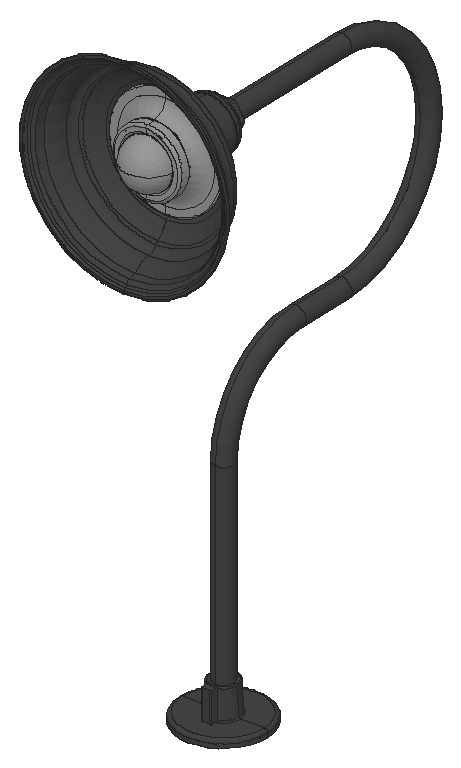
Revit family "BLE-G-WHB-G6-LED", category Lighting Fixtures, host Face, Revit 2022
Family settings
  Host = Face
  Round Connector Dimension = Use Diameter
  Part Type = Normal
  Cut with Voids When Loaded = No
  Light Source = Yes
  Maintain Annotation Orientation = No
  Shared = No
  Room Calculation Point = No
Parameters (values of type "11" Dome")
  Wattage = 5.72229 W
  built-in parameter 1150110 = 1 (stored number, unit not read)
  built-in parameter 1114217 = 1 (stored number, unit not read)
  Tilt Angle = 0.00°
  built-in parameter 1150109 = 1 (stored number, unit not read)
  built-in parameter 1150134 = (empty or 0)
  built-in parameter 1150113 = 1 (stored number, unit not read)
  Heat Sink 9" = no
  Heat Sink 6" = yes
  Heat Sink = 0' - 3 77/128"
  Gooseneck Material = 100 - Black
  Shade Material = 100 - Black
  Photometric Web File = "generic"
  built-in parameter 1150142 = (empty or 0)
  built-in parameter 1150105 = 67.641 (stored number, unit not read)
  Lumens = 850 lm
  built-in parameter 1150115 = 1 (stored number, unit not read)
  built-in parameter 1150137 = (empty or 0)
  built-in parameter 1150139 = (empty or 0)
  built-in parameter 1150112 = 1 (stored number, unit not read)
  built-in parameter 1150114 = 1 (stored number, unit not read)
  built-in parameter 1150132 = 2
  built-in parameter 1150102 = (empty or 0)
  built-in parameter 1150107 = 3000 (stored number, unit not read)
  built-in parameter 1150138 = (empty or 0)
  built-in parameter 1150106 = 0.67641 (stored number, unit not read)
  Flat = no
  built-in parameter 1150104 = 13.8 (stored number, unit not read)
  Dome = yes
  Dimming Lamp Color Temperature Shift = <None>
  Default Elevation = 4' - 0"
  Color Filter = 16777215
  Base Material = 100 - Black
  built-in parameter 1114218 = 1 (stored number, unit not read)
  built-in parameter 1150133 = 10 (stored number, unit not read)
  17" = no
  15" = no
  13" = no
  11" = yes
Reference planes (in)
  plane 1 "Center (Front/Back)": y = 0
  plane 2: z = 0
  plane 3 "Center (Left/Right)": x = 0
Lines and regions (in)
  reference lines
    curve 1: line (0, -3.60156, 19.86275) -> (0, -3.60156, 9.99662)
    curve 2: line (0, 32, 0) -> (0, -36, 0)
    curve 3: line (-33.11947, 0, 0) -> (37.88053, 0, 0)
Dimensions and locks (in)
  "Heat Sink": plane 1 "Center (Front/Back)" to curve 1
  locked: curve 1 to imposter light at 1
  aligned and locked: plane 2 to host face
  aligned and locked: level to host face
  aligned and locked: plane 3 "Center (Left/Right)" to nested 1
  aligned and locked: plane 1 "Center (Front/Back)" to nested 1
  aligned and locked: nested 4 to imposter light
  aligned and locked: nested 5 to imposter light
  aligned and locked: plane 3 "Center (Left/Right)" to nested 2
  aligned and locked: imposter light to nested 6
  aligned and locked: nested 3 to plane 3 "Center (Left/Right)"
  aligned and locked: nested 7 to nested 3
  aligned and locked: nested 7 to nested 2
  aligned and locked: plane 1 "Center (Front/Back)" to curve 3
  aligned and locked: curve 2 to plane 3 "Center (Left/Right)"
  aligned and locked: nested 8 to imposter light
Automatic sketch dimensions
  host sketch curve to host sketch curve = 8' - 0"  (x2)
  level to curve 1 = 0' - 9.99662"
  curve 1 to curve 1 = 0' - 9.86614"
  curve 3 to plane 3 "Center (Left/Right)" = 2' - 9.11947"
  plane 3 "Center (Left/Right)" to curve 3 = 3' - 1.88053"
  plane 1 "Center (Front/Back)" to curve 2 = 3' - 0"
  curve 2 to plane 1 "Center (Front/Back)" = 2' - 8"
Nested families (in)
  nested 1: "WBP-7501" at (0, 0, 0), type "WBP-7501"
  nested 2: "G6" at (0, 0, 1.975), type "G6"
  nested 3: "WHB Shade" at (0, -0.52662, 28.47502) x (0, 0, -1) z (0, -1, 0), type "WHB Shade"
    with 8" no, 6" no, 17" no, 15" no, 13" no
  nested 4: "103264" at (0, -3.60156, 28.47502) x (0, 0, -1) z (0, -1, 0), type "103264"
    with Heat Sink 9" no
  nested 5: "ACR-0306" at (0, -4.8516, 28.47502) x (1, 0, 0) z (0, -1, 0), type "ACR-0306"
    with Flat no, Dome yes
  nested 6: "RNG-0007" at (0, -4.9327, 28.47502) x (0, 0, 1) z (0, -1, 0), type "RNG-0007"
  nested 7: "CPL-0004" at (0, 0.12356, 28.47502) x (1, 0, 0) z (0, -1, 0), type "CPL-0004"
  nested 8: "103805" at (0, -3.60156, 28.47502) x (0, 0, -1) z (0, -1, 0), type "103805"
Connectors (in)
  electrical at (0, 0, 0)
    settings: index 1, voltage 0 V, apparent load 0 VA, apparent load phase1 0 VA, apparent load phase2 0 VA, apparent load phase3 0 VA, power factor 1, load classification "Other", number of poles 1, system type 31, power factor state 1, is connector primary yes, connector utility no, sub classification motor no, connector description ""
Definition of nested family "WBP-7501"
  Parameters (values of type "WBP-7501")
    Default Elevation = 3' - 0"
    Base Material = none
  Reference planes (in)
    plane 1 "Center (Front/Back)": y = 0
    plane 2: z = 0
    plane 3 "Center (Left/Right)": x = 0
    plane 4 "Base Dia": x = -2.325
    plane 5 "Base Height": z = 0.4
    plane 6 "Fillet Radius": z = 0.225
    plane 7: z = 0.458
    plane 8: x = -0.87
    plane 9: x = -0.81
    plane 10: x = -0.76
    plane 11: z = 1.917
    plane 12: z = 1.975
    plane 13: x = -0.7
    plane 14: x = -0.2595
    plane 15: x = 0.2595
    plane 16: y = -1.135
  Forms (in)
    Extrusion 1, solid
      sketch origin (0, 0, 0) x (1, 0, 0) y (0, 1, 0)
        loop
          line (-48, 48) -> (-48, -48) -> (48, -48) -> (48, 48) -> (-48, 48)
      from 0 to -12
    Revolve 2, solid, material <- "Base Material"
      sketch origin (0, 0, 0) x (1, 0, 0) y (0, 0, 1)
        loop
          line (0, 0) -> (0, 1.975) -> (-0.7, 1.975)
          arc (-0.7, 1.975) -> (-0.74172, 1.95814) -> (-0.76, 1.91702) r 0.06003
          line (-0.76, 1.91702) -> (-0.81, 0.458)
          arc (-0.81, 0.458) -> (-0.82699, 0.41699) -> (-0.868, 0.4) r 0.058
          line (-0.868, 0.4) -> (-2.15, 0.4)
          arc (-2.15, 0.4) -> (-2.27374, 0.34874) -> (-2.325, 0.225) r 0.175
          line (-2.325, 0.225) -> (-2.325, 0) -> (0, 0)
        axis (0, 0) -> (0, 1.975)
      angle from 0 to 360
    Extrusion 3, solid, material <- "Base Material"
      sketch origin (0, 0, 0) x (1, 0, 0) y (0, 1, 0)
        loop
          line (-0.2595, -0.76731) -> (-0.2595, -1.075)
          arc (-0.2595, -1.075) -> (-0.24193, -1.11743) -> (-0.1995, -1.135) r 0.06
          line (-0.1995, -1.135) -> (0.1995, -1.135)
          arc (0.1995, -1.135) -> (0.24193, -1.11743) -> (0.2595, -1.075) r 0.06
          line (0.2595, -1.075) -> (0.2595, -0.76731)
          arc (0.2595, -0.76731) -> (0, -0.81) -> (-0.2595, -0.76731) r 0.81
      from 0 to 1.975
  Cuts and joins
    joined: Revolve 2, Extrusion 3
  Dimensions and locks (in)
    plane 4 "Base Dia" to plane 3 "Center (Left/Right)" = 0' - 2.325"
    locked: plane 5 "Base Height" to Extrusion 1 at 0.4
    locked: plane 3 "Center (Left/Right)" to plane 4 "Base Dia" at 2.325
    locked: plane 5 "Base Height" to plane 6 "Fillet Radius" at 0.175
    locked: plane 3 "Center (Left/Right)" to plane 9 at 0.81
    locked: plane 3 "Center (Left/Right)" to plane 8 at 0.87
    locked: plane 3 "Center (Left/Right)" to plane 10 at 0.76
    locked: plane 3 "Center (Left/Right)" to plane 13 at 0.7
    locked: plane 11 to plane 5 "Base Height" at 1.517
    locked: plane 12 to plane 5 "Base Height" at 1.575
    locked: plane 7 to plane 5 "Base Height" at 0.058
    locked: plane 14 to plane 3 "Center (Left/Right)" at 0.2595
    locked: plane 3 "Center (Left/Right)" to plane 15 at 0.2595
    locked: plane 16 to plane 1 "Center (Front/Back)" at 1.135
    radius of Revolve 2 sketch curve = 0' - 0.175"
    aligned and locked: plane 2 to Extrusion 1
    aligned and locked: level to Extrusion 1
    aligned and locked: Revolve 2 sketch curve to plane 5 "Base Height"
    aligned and locked: plane 9 to Revolve 2 sketch curve
    aligned and locked: plane 3 "Center (Left/Right)" to Revolve 2 sketch curve
    aligned and locked: plane 15 to Extrusion 3 sketch curve
    aligned and locked: Extrusion 3 sketch curve to plane 16
    aligned and locked: Extrusion 3 sketch curve to plane 14
  Automatic sketch dimensions
    Extrusion 1 sketch curve to Extrusion 1 sketch curve = 8' - 0"  (x2)
    Revolve 2 sketch curve to level = 0' - 0"
    Revolve 2 sketch curve to plane 4 "Base Dia" = 0' - 0"
    Revolve 2 sketch curve to plane 7 = 0' - 0"  (x2)
    plane 10 to Revolve 2 sketch curve = 0' - 0"
    Revolve 2 sketch curve to plane 12 = 0' - 0"
    Revolve 2 sketch curve to plane 13 = 0' - 0"
    Revolve 2 sketch curve to plane 3 "Center (Left/Right)" = 0' - 0"
    Revolve 2 sketch curve to Revolve 2 sketch curve = 0' - 0.22742"
    Revolve 2 sketch curve to Revolve 2 sketch curve = 0' - 1.76377"
    plane 1 "Center (Front/Back)" to Extrusion 3 sketch curve = 0' - 0"
    Extrusion 3 sketch curve to plane 3 "Center (Left/Right)" = 0' - 0"
    plane 14 to Extrusion 3 sketch curve = 0' - 0.06"
    Extrusion 3 sketch curve to plane 15 = 0' - 0.06"
    Extrusion 3 sketch curve to Extrusion 3 sketch curve = 0' - 0.30769"
Definition of nested family "G6"
  Parameters (values of type "G6")
    Gooseneck Material = none
    Default Elevation = 2' - 0"
  Reference planes (in)
    plane 1 "Center (Front/Back)": y = 0
    plane 2: z = 0
    plane 3 "Center (Left/Right)": x = 0
    plane 4 "Wood Height": z = 0
    plane 5: z = 26.50002
  Forms (in)
    Extrusion 1, solid
      sketch origin (0, 0, 0) x (1, 0, 0) y (0, 1, 0)
        loop
          line (-48, 48) -> (-48, -48) -> (48, -48) -> (48, 48) -> (-48, 48)
      from 0 to -12
    Sweep 2, solid, material <- "Gooseneck Material"
      path origin (0, 0, 0) x (0, 1, 0) y (0, 0, 1)
        loop
          line (0, -0.0015) -> (0, 10.25116)
          arc (0, 10.25116) -> (1.39092, 13.60915) -> (4.74891, 15.00007) r 4.74891
          line (4.74891, 15.00007) -> (7.75038, 15.00007)
          arc (7.75038, 15.00007) -> (13.50036, 20.75004) -> (7.75038, 26.50002) r 5.74997
          line (7.75038, 26.50002) -> (0.12356, 26.50002)
      profile origin (0, 0, 5.12483) x (0, -1, 0) y (1, 0, 0)
        loop
          circle (0, 0) r 0.52676
  Dimensions and locks (in)
    aligned and locked: plane 2 to Extrusion 1
    aligned and locked: level to Extrusion 1
    aligned and locked: Extrusion 1 to plane 4 "Wood Height"
  Automatic sketch dimensions
    Extrusion 1 sketch curve to Extrusion 1 sketch curve = 8' - 0"  (x2)
    Sweep 2 sketch curve to plane 3 "Center (Left/Right)" = 0' - 0"
    Sweep 2 sketch curve to profile plane = 0' - 0"
    Sweep 2 sketch curve to plane 1 "Center (Front/Back)" = 0' - 0"
    Sweep 2 sketch curve to plane 1 "Center (Front/Back)" = 0' - 4.74891"
    Sweep 2 sketch curve to Sweep 2 sketch curve = 0' - 3.00147"
    level to Sweep 2 sketch curve = 0' - 10.25116"
    Sweep 2 sketch curve to Sweep 2 sketch curve = 0' - 5.74997"
    Sweep 2 sketch curve to plane 1 "Center (Front/Back)" = 0' - 0.12356"
    Sweep 2 sketch curve to level = 0' - 0.0015"
    radius of Sweep 2 sketch curve = 0' - 0.52676"
Definition of nested family "WHB Shade"
  Parameters (values of type "WHB Shade")
    Shade Material = none
    Default Elevation = 2' - 0"
    17" = yes
    15" = yes
    13" = yes
    11" = yes
    8" = yes
    6" = yes
  Reference planes (in)
    plane 1 "Center (Front/Back)": y = 0
    plane 2: z = 0
    plane 3 "Center (Left/Right)": x = 0
  Forms (in)
    Extrusion 1, solid
      sketch origin (0, 0, 0) x (1, 0, 0) y (0, 1, 0)
        loop
          line (-48, 48) -> (-48, -48) -> (48, -48) -> (48, 48) -> (-48, 48)
      from 0 to -12
  Dimensions and locks (in)
    aligned and locked: plane 2 to Extrusion 1
    aligned and locked: level to Extrusion 1
    aligned and locked: plane 1 "Center (Front/Back)" to nested 1
    aligned and locked: plane 3 "Center (Left/Right)" to nested 1
    aligned and locked: plane 3 "Center (Left/Right)" to nested 2
    aligned and locked: plane 1 "Center (Front/Back)" to nested 2
    aligned and locked: plane 1 "Center (Front/Back)" to nested 3
    aligned and locked: plane 3 "Center (Left/Right)" to nested 3
    aligned and locked: plane 3 "Center (Left/Right)" to nested 4
    aligned and locked: plane 1 "Center (Front/Back)" to nested 4
    aligned and locked: plane 1 "Center (Front/Back)" to nested 5
    aligned and locked: plane 3 "Center (Left/Right)" to nested 5
    aligned and locked: plane 3 "Center (Left/Right)" to nested 6
    aligned and locked: plane 1 "Center (Front/Back)" to nested 6
  Nested families (in)
    nested 1: "SHD-0073" at (0, 0, 0), visible <- "6"", type "SHD-0073"
    nested 2: "SHD-0074" at (0, 0, 0), visible <- "8"", type "SHD-0074"
    nested 3: "SHD-0019" at (0, 0, 0), visible <- "11"", type "SHD-0019"
    nested 4: "SHD-0020" at (0, 0, 0), visible <- "13"", type "SHD-0020"
    nested 5: "SHD-0022" at (0, 0, 0), visible <- "17"", type "SHD-0022"
    nested 6: "SHD-0021" at (0, 0, 0), visible <- "15"", type "SHD-0021"
  Definition of nested family "SHD-0073"
    Parameters (values of type "SHD-0073")
      Shade Material = none
      Default Elevation = 2' - 0"
    Reference planes (in)
      plane 1 "Center (Front/Back)": y = 0
      plane 2: z = 0
      plane 3 "Center (Left/Right)": x = 0
    Forms (in)
      Extrusion 1, solid
        sketch origin (0.09263, 0, 0.02324) x (1, 0, 0) y (0, 1, 0)
          loop
            line (-48, 48) -> (-48, -48) -> (48, -48) -> (48, 48) -> (-48, 48)
        from -0.02324 to -12
      Revolve 2, solid, material <- "Shade Material"
        sketch origin (0, 0, 0) x (1, 0, 0) y (0, 0, 1)
          loop
            line (0, 0.03906) -> (-0.87579, 0.03906)
            arc (-0.87579, 0.03906) -> (-0.93447, 0.06284) -> (-0.96005, 0.12076) r 0.0843
            line (-0.96005, 0.12076) -> (-0.98861, 1.04523)
            arc (-0.98861, 1.04523) -> (-1.01951, 1.13722) -> (-1.09617, 1.19672) r 0.16785
            arc (-1.09617, 1.19672) -> (-1.12932, 1.21983) -> (-1.14792, 1.25572) r 0.08435
            line (-1.14792, 1.25572) -> (-1.30194, 1.8953)
            arc (-1.30194, 1.8953) -> (-1.55722, 2.3583) -> (-2.01293, 2.62636) r 0.99978
            arc (-2.01293, 2.62636) -> (-2.33316, 2.81372) -> (-2.51458, 3.13736) r 0.70762
            line (-2.51458, 3.13736) -> (-2.88606, 4.61912)
            arc (-2.88606, 4.61912) -> (-2.89984, 4.6509) -> (-2.9231, 4.67657) r 0.10636
            arc (-2.9231, 4.67657) -> (-2.93679, 4.69272) -> (-2.94325, 4.71288) r 0.05416
            line (-2.94325, 4.71288) -> (-2.95995, 4.8599) -> (-2.99926, 4.8599) -> (-2.98018, 4.69189)
            arc (-2.98018, 4.69189) -> (-2.97181, 4.6682) -> (-2.95392, 4.65055) r 0.05598
            arc (-2.95392, 4.65055) -> (-2.93493, 4.63302) -> (-2.92395, 4.60962) r 0.0673
            line (-2.92395, 4.60962) -> (-2.55247, 3.12786)
            arc (-2.55247, 3.12786) -> (-2.36104, 2.78636) -> (-2.02313, 2.58865) r 0.74668
            arc (-2.02313, 2.58865) -> (-1.58522, 2.33106) -> (-1.33991, 1.88616) r 0.96072
            line (-1.33991, 1.88616) -> (-1.1859, 1.24657)
            arc (-1.1859, 1.24657) -> (-1.15869, 1.19407) -> (-1.11018, 1.16026) r 0.12341
            arc (-1.11018, 1.16026) -> (-1.05137, 1.1146) -> (-1.02765, 1.04402) r 0.12878
            line (-1.02765, 1.04402) -> (-0.99909, 0.11955)
            arc (-0.99909, 0.11955) -> (-0.96166, 0.0348) -> (-0.87579, 0) r 0.12336
            line (-0.87579, 0) -> (0, 0) -> (0, 0.03906)
          axis (0, 4.8599) -> (0, 0)
        angle from 0 to 360
    Dimensions and locks (in)
      aligned and locked: plane 2 to Extrusion 1
      aligned and locked: level to Extrusion 1
    Automatic sketch dimensions
      Extrusion 1 sketch curve to Extrusion 1 sketch curve = 8' - 0"  (x2)
      Revolve 2 sketch curve to Revolve 2 sketch curve = 0' - 0"  (x12)
      Revolve 2 sketch curve to level = 0' - 0"
      Revolve 2 sketch curve to plane 3 "Center (Left/Right)" = 0' - 0"  (x2)
      level to Revolve 2 sketch curve = 0' - 0.12336"
      Revolve 2 sketch curve to plane 3 "Center (Left/Right)" = 0' - 0.87579"
      level to Revolve 2 sketch curve = 0' - 0.12076"
      Revolve 2 sketch curve to Revolve 2 sketch curve = 0' - 0.08426"
      Revolve 2 sketch curve to Revolve 2 sketch curve = 0' - 0.02856"
      level to Revolve 2 sketch curve = 0' - 0.11955"
      Revolve 2 sketch curve to Revolve 2 sketch curve = 0' - 0 5/128"
      Revolve 2 sketch curve to Revolve 2 sketch curve = 0' - 0.03827"
      Revolve 2 sketch curve to Revolve 2 sketch curve = 0' - 0.08201"
      Revolve 2 sketch curve to Revolve 2 sketch curve = 0' - 0.12872"
      Revolve 2 sketch curve to Revolve 2 sketch curve = 0' - 0.03798"  (x2)
      Revolve 2 sketch curve to Revolve 2 sketch curve = 0' - 0.15401"
      Revolve 2 sketch curve to Revolve 2 sketch curve = 0' - 0 125/256"
      Revolve 2 sketch curve to Revolve 2 sketch curve = 0' - 0.93402"
      Revolve 2 sketch curve to Revolve 2 sketch curve = 0' - 0.68638"
      Revolve 2 sketch curve to Revolve 2 sketch curve = 0' - 0.03789"  (x2)
      Revolve 2 sketch curve to Revolve 2 sketch curve = 0' - 0.37148"
      Revolve 2 sketch curve to Revolve 2 sketch curve = 0' - 0.00338"
      Revolve 2 sketch curve to Revolve 2 sketch curve = 0' - 0.03513"
      Revolve 2 sketch curve to Revolve 2 sketch curve = 0' - 0.01869"
      Revolve 2 sketch curve to Revolve 2 sketch curve = 0' - 0.03693"
      Revolve 2 sketch curve to Revolve 2 sketch curve = 0' - 0.06528"
      Revolve 2 sketch curve to Revolve 2 sketch curve = 0' - 0.05601"
      Revolve 2 sketch curve to Revolve 2 sketch curve = 0' - 0.00121"
      Revolve 2 sketch curve to Revolve 2 sketch curve = 0' - 0.20652"
      Revolve 2 sketch curve to Revolve 2 sketch curve = 0' - 0.00914"  (x2)
      Revolve 2 sketch curve to Revolve 2 sketch curve = 0' - 0.01975"
      Revolve 2 sketch curve to Revolve 2 sketch curve = 0' - 1.46662"
      Revolve 2 sketch curve to Revolve 2 sketch curve = 0' - 0.0095"  (x2)
      Revolve 2 sketch curve to Revolve 2 sketch curve = 0' - 0.17208"
      Revolve 2 sketch curve to Revolve 2 sketch curve = 0' - 0.09863"
      Revolve 2 sketch curve to Revolve 2 sketch curve = 0' - 0.00632"
      Revolve 2 sketch curve to Revolve 2 sketch curve = 0' - 0.01467"
      Revolve 2 sketch curve to Revolve 2 sketch curve = 0' - 0.02078"
      Revolve 2 sketch curve to Revolve 2 sketch curve = 0' - 0.68038"
      Revolve 2 sketch curve to Revolve 2 sketch curve = 0' - 0.3547"
  Definition of nested family "SHD-0074"
    Parameters (values of type "SHD-0074")
      Shade Material = none
      Default Elevation = 2' - 0"
    Reference planes (in)
      plane 1 "Center (Front/Back)": y = 0
      plane 2: z = 0
      plane 3 "Center (Left/Right)": x = 0
    Forms (in)
      Extrusion 1, solid
        sketch origin (0.09263, 0, 0.02324) x (1, 0, 0) y (0, 1, 0)
          loop
            line (-48, 48) -> (-48, -48) -> (48, -48) -> (48, 48) -> (-48, 48)
        from -0.02324 to -12
      Revolve 2, solid, material <- "Shade Material"
        sketch origin (0, 0, 0) x (1, 0, 0) y (0, 0, 1)
          loop
            line (0, 0) -> (0, 0.03906) -> (-1.14807, 0.03906)
            arc (-1.14807, 0.03906) -> (-1.2741, 0.09017) -> (-1.32894, 0.21462) r 0.18095
            line (-1.32894, 0.21462) -> (-1.3651, 1.42566)
            arc (-1.3651, 1.42566) -> (-1.39345, 1.51093) -> (-1.46402, 1.56657) r 0.15656
            arc (-1.46402, 1.56657) -> (-1.53401, 1.61608) -> (-1.57335, 1.69225) r 0.18097
            line (-1.57335, 1.69225) -> (-1.77626, 2.52967)
            arc (-1.77626, 2.52967) -> (-2.09487, 3.10739) -> (-2.66269, 3.44334) r 1.25363
            arc (-2.66269, 3.44334) -> (-3.11575, 3.71011) -> (-3.37255, 4.1689) r 1.00681
            line (-3.37255, 4.1689) -> (-3.85994, 6.109)
            arc (-3.85994, 6.109) -> (-3.87317, 6.13828) -> (-3.8958, 6.16109) r 0.09052
            arc (-3.8958, 6.16109) -> (-3.92393, 6.19141) -> (-3.93708, 6.23062) r 0.09827
            line (-3.93708, 6.23062) -> (-3.96079, 6.44195) -> (-4.0001, 6.44195) -> (-3.9759, 6.22627)
            arc (-3.9759, 6.22627) -> (-3.95752, 6.17147) -> (-3.91821, 6.12909) r 0.13733
            arc (-3.91821, 6.12909) -> (-3.90535, 6.11612) -> (-3.89782, 6.09948) r 0.05146
            line (-3.89782, 6.09948) -> (-3.41044, 4.15939)
            arc (-3.41044, 4.15939) -> (-3.14367, 3.6828) -> (-2.67303, 3.40567) r 1.04587
            arc (-2.67303, 3.40567) -> (-2.12291, 3.08019) -> (-1.81423, 2.52047) r 1.21457
            line (-1.81423, 2.52047) -> (-1.61132, 1.68305)
            arc (-1.61132, 1.68305) -> (-1.56348, 1.59044) -> (-1.47839, 1.53025) r 0.22003
            arc (-1.47839, 1.53025) -> (-1.42543, 1.48849) -> (-1.40415, 1.42449) r 0.1175
            line (-1.40415, 1.42449) -> (-1.36798, 0.21345)
            arc (-1.36798, 0.21345) -> (-1.3013, 0.06214) -> (-1.14807, 0) r 0.22002
            line (-1.14807, 0) -> (0, 0)
          axis (0, 6.44195) -> (0, 0)
        angle from 0 to 360
    Dimensions and locks (in)
      aligned and locked: plane 2 to Extrusion 1
      aligned and locked: level to Extrusion 1
    Automatic sketch dimensions
      Extrusion 1 sketch curve to Extrusion 1 sketch curve = 8' - 0"  (x2)
      Revolve 2 sketch curve to Revolve 2 sketch curve = 0' - 0"  (x14)
      Revolve 2 sketch curve to level = 0' - 0"
      Revolve 2 sketch curve to plane 3 "Center (Left/Right)" = 0' - 0"  (x2)
      Revolve 2 sketch curve to plane 3 "Center (Left/Right)" = 0' - 1.14807"
      level to Revolve 2 sketch curve = 0' - 0.21462"
      Revolve 2 sketch curve to Revolve 2 sketch curve = 0' - 0.18087"
      Revolve 2 sketch curve to Revolve 2 sketch curve = 0' - 0.03617"
      level to Revolve 2 sketch curve = 0' - 0.21345"
      Revolve 2 sketch curve to Revolve 2 sketch curve = 0' - 0 5/128"  (x2)
      Revolve 2 sketch curve to Revolve 2 sketch curve = 0' - 0.03237"
      Revolve 2 sketch curve to Revolve 2 sketch curve = 0' - 0.11745"
      Revolve 2 sketch curve to Revolve 2 sketch curve = 0' - 0.17588"
      Revolve 2 sketch curve to Revolve 2 sketch curve = 0' - 0.03796"  (x2)
      Revolve 2 sketch curve to Revolve 2 sketch curve = 0' - 0.20291"
      Revolve 2 sketch curve to Revolve 2 sketch curve = 0' - 0.58186"
      Revolve 2 sketch curve to Revolve 2 sketch curve = 0' - 1.18041"
      Revolve 2 sketch curve to Revolve 2 sketch curve = 0' - 0.97647"
      Revolve 2 sketch curve to Revolve 2 sketch curve = 0' - 0.03789"  (x2)
      Revolve 2 sketch curve to Revolve 2 sketch curve = 0' - 0.46688"
      Revolve 2 sketch curve to Revolve 2 sketch curve = 0' - 0.02051"
      Revolve 2 sketch curve to Revolve 2 sketch curve = 0' - 0 25/256"
      Revolve 2 sketch curve to Revolve 2 sketch curve = 0' - 0.04991"
      Revolve 2 sketch curve to Revolve 2 sketch curve = 0' - 0.03882"
      Revolve 2 sketch curve to Revolve 2 sketch curve = 0' - 0.02419"
      Revolve 2 sketch curve to Revolve 2 sketch curve = 0' - 0.00117"
      Revolve 2 sketch curve to Revolve 2 sketch curve = 0' - 0.26206"
      Revolve 2 sketch curve to Revolve 2 sketch curve = 0' - 0.0092"  (x2)
      Revolve 2 sketch curve to Revolve 2 sketch curve = 0' - 0.04262"
      Revolve 2 sketch curve to Revolve 2 sketch curve = 0' - 1.92493"
      Revolve 2 sketch curve to Revolve 2 sketch curve = 0' - 0.00952"  (x2)
      Revolve 2 sketch curve to Revolve 2 sketch curve = 0' - 0.2453"
      Revolve 2 sketch curve to Revolve 2 sketch curve = 0' - 0.13933"
      Revolve 2 sketch curve to Revolve 2 sketch curve = 0' - 0.00435"
      Revolve 2 sketch curve to Revolve 2 sketch curve = 0' - 0.01095"
      Revolve 2 sketch curve to Revolve 2 sketch curve = 0' - 0.21568"
      Revolve 2 sketch curve to Revolve 2 sketch curve = 0' - 0.03931"
      Revolve 2 sketch curve to Revolve 2 sketch curve = 0' - 0.68038"
      Revolve 2 sketch curve to Revolve 2 sketch curve = 0' - 0.51514"
  Definition of nested family "SHD-0019"
    Parameters (values of type "SHD-0019")
      Shade Material = none
      Default Elevation = 2' - 0"
    Reference planes (in)
      plane 1 "Center (Front/Back)": y = 0
      plane 2: z = 0
      plane 3 "Center (Left/Right)": x = 0
    Forms (in)
      Extrusion 1, solid
        sketch origin (0.09263, 0, 0.02324) x (1, 0, 0) y (0, 1, 0)
          loop
            line (-48, 48) -> (-48, -48) -> (48, -48) -> (48, 48) -> (-48, 48)
        from -0.02324 to -12
      Revolve 2, solid, material <- "Shade Material"
        sketch origin (0, 0, 0) x (1, 0, 0) y (0, 0, 1)
          loop
            line (0, 0) -> (0, 0.03906) -> (-1.25514, 0.03906)
            arc (-1.25514, 0.03906) -> (-1.35614, 0.0809) -> (-1.39797, 0.1819) r 0.14284
            line (-1.39797, 0.1819) -> (-1.39797, 0.40436)
            arc (-1.39797, 0.40436) -> (-1.40946, 0.44193) -> (-1.43999, 0.46665) r 0.06717
            arc (-1.43999, 0.46665) -> (-1.46357, 0.48473) -> (-1.47446, 0.51238) r 0.05558
            line (-1.47446, 0.51238) -> (-1.65246, 2.20592)
            arc (-1.65246, 2.20592) -> (-1.81497, 2.52488) -> (-2.14916, 2.65316) r 0.49944
            line (-2.14916, 2.65316) -> (-2.24649, 2.65316)
            arc (-2.24649, 2.65316) -> (-2.31667, 2.67482) -> (-2.36287, 2.73191) r 0.12605
            arc (-2.36287, 2.73191) -> (-2.52975, 2.94415) -> (-2.78418, 3.03449) r 0.48568
            arc (-2.78418, 3.03449) -> (-2.86526, 3.04814) -> (-2.94157, 3.07874) r 0.38387
            line (-2.94157, 3.07874) -> (-3.22069, 3.22715)
            arc (-3.22069, 3.22715) -> (-3.61341, 3.48929) -> (-3.9463, 3.82416) r 2.36749
            arc (-3.9463, 3.82416) -> (-4.00593, 3.87819) -> (-4.079, 3.91189) r 0.26567
            arc (-4.079, 3.91189) -> (-4.32022, 4.07818) -> (-4.41249, 4.35625) r 0.46094
            arc (-4.41249, 4.35625) -> (-4.52362, 4.86613) -> (-4.83937, 5.28163) r 1.20855
            line (-4.83937, 5.28163) -> (-4.92424, 5.68987) -> (-5.13707, 5.82286)
            arc (-5.13707, 5.82286) -> (-5.1902, 5.86363) -> (-5.23456, 5.91381) r 0.34908
            line (-5.23456, 5.91381) -> (-5.32729, 6.04153) -> (-5.45509, 6.04153)
            arc (-5.45509, 6.04153) -> (-5.50157, 5.99506) -> (-5.45509, 5.94858) r 0.04648
            line (-5.45509, 5.94858) -> (-5.3113, 5.94858) -> (-5.26576, 5.89029)
            arc (-5.26576, 5.89029) -> (-5.21658, 5.83483) -> (-5.15777, 5.78973) r 0.38814
            line (-5.15777, 5.78973) -> (-4.95909, 5.66558) -> (-4.87486, 5.2604)
            arc (-4.87486, 5.2604) -> (-4.5619, 4.85582) -> (-4.45155, 4.35637) r 1.16949
            arc (-4.45155, 4.35637) -> (-4.35146, 4.05473) -> (-4.0898, 3.87435) r 0.5
            arc (-4.0898, 3.87435) -> (-4.02747, 3.8456) -> (-3.97662, 3.79952) r 0.22661
            arc (-3.97662, 3.79952) -> (-3.63823, 3.45913) -> (-3.23903, 3.19266) r 2.40656
            line (-3.23903, 3.19266) -> (-2.95991, 3.04425)
            arc (-2.95991, 3.04425) -> (-2.87583, 3.01053) -> (-2.7865, 2.99549) r 0.42293
            arc (-2.7865, 2.99549) -> (-2.55253, 2.91243) -> (-2.39908, 2.71725) r 0.44662
            arc (-2.39908, 2.71725) -> (-2.33853, 2.64244) -> (-2.24656, 2.6141) r 0.16512
            line (-2.24656, 2.6141) -> (-2.14916, 2.6141)
            arc (-2.14916, 2.6141) -> (-1.84111, 2.49585) -> (-1.6913, 2.20184) r 0.46038
            line (-1.6913, 2.20184) -> (-1.51331, 0.50829)
            arc (-1.51331, 0.50829) -> (-1.49476, 0.46122) -> (-1.45462, 0.43043) r 0.09464
            arc (-1.45462, 0.43043) -> (-1.44184, 0.42008) -> (-1.43704, 0.40436) r 0.02811
            line (-1.43704, 0.40436) -> (-1.43704, 0.1819)
            arc (-1.43704, 0.1819) -> (-1.38376, 0.05328) -> (-1.25514, 0) r 0.1819
            line (-1.25514, 0) -> (0, 0)
          axis (0, 6.04153) -> (0, 0)
        angle from 0 to 360
    Dimensions and locks (in)
      aligned and locked: plane 2 to Extrusion 1
      aligned and locked: level to Extrusion 1
    Automatic sketch dimensions
      Extrusion 1 sketch curve to Extrusion 1 sketch curve = 8' - 0"  (x2)
      Revolve 2 sketch curve to Revolve 2 sketch curve = 0' - 0"  (x30)
      Revolve 2 sketch curve to level = 0' - 0"
      Revolve 2 sketch curve to plane 3 "Center (Left/Right)" = 0' - 0"  (x2)
      Revolve 2 sketch curve to plane 3 "Center (Left/Right)" = 0' - 1.25514"
      Revolve 2 sketch curve to Revolve 2 sketch curve = 0' - 0.14284"
      Revolve 2 sketch curve to Revolve 2 sketch curve = 0' - 0.02121"
      Revolve 2 sketch curve to Revolve 2 sketch curve = 0' - 0 5/128"
      Revolve 2 sketch curve to Revolve 2 sketch curve = 0' - 0.02811"
      level to Revolve 2 sketch curve = 0' - 0.51238"
      Revolve 2 sketch curve to Revolve 2 sketch curve = 0' - 0.05528"
      level to Revolve 2 sketch curve = 0' - 0.50829"
      Revolve 2 sketch curve to Revolve 2 sketch curve = 0' - 0.03885"  (x2)
      Revolve 2 sketch curve to plane 3 "Center (Left/Right)" = 0' - 1.65246"
      Revolve 2 sketch curve to plane 3 "Center (Left/Right)" = 0' - 2.10922"
      Revolve 2 sketch curve to Revolve 2 sketch curve = 0' - 0.45786"
      Revolve 2 sketch curve to Revolve 2 sketch curve = 0' - 0.09686"
      Revolve 2 sketch curve to Revolve 2 sketch curve = 0' - 0.09733"
      Revolve 2 sketch curve to Revolve 2 sketch curve = 0' - 0.00007"
      Revolve 2 sketch curve to Revolve 2 sketch curve = 0' - 0.51533"
      Revolve 2 sketch curve to Revolve 2 sketch curve = 0' - 0.5665"
      Revolve 2 sketch curve to Revolve 2 sketch curve = 0' - 0.18022"
      Revolve 2 sketch curve to Revolve 2 sketch curve = 0' - 0.01834"  (x2)
      Revolve 2 sketch curve to Revolve 2 sketch curve = 0' - 0.27912"
      Revolve 2 sketch curve to Revolve 2 sketch curve = 0' - 0.73086"
      Revolve 2 sketch curve to Revolve 2 sketch curve = 0' - 0.2009"
      Revolve 2 sketch curve to Revolve 2 sketch curve = 0' - 0.88782"
      Revolve 2 sketch curve to Revolve 2 sketch curve = 0' - 0.03549"
      Revolve 2 sketch curve to Revolve 2 sketch curve = 0' - 0.08486"
      Revolve 2 sketch curve to Revolve 2 sketch curve = 0' - 0.02785"
      Revolve 2 sketch curve to Revolve 2 sketch curve = 0' - 0.03485"
      Revolve 2 sketch curve to Revolve 2 sketch curve = 0' - 0.17798"
      Revolve 2 sketch curve to Revolve 2 sketch curve = 0' - 0.0207"
      Revolve 2 sketch curve to Revolve 2 sketch curve = 0' - 0.0975"
      Revolve 2 sketch curve to Revolve 2 sketch curve = 0' - 0.03119"
      Revolve 2 sketch curve to Revolve 2 sketch curve = 0' - 0.04554"
      Revolve 2 sketch curve to Revolve 2 sketch curve = 0' - 0.14379"
      Revolve 2 sketch curve to Revolve 2 sketch curve = 0' - 0.74618"
      Revolve 2 sketch curve to Revolve 2 sketch curve = 0' - 0.10801"
      Revolve 2 sketch curve to Revolve 2 sketch curve = 0' - 0.00581"
      Revolve 2 sketch curve to Revolve 2 sketch curve = 0' - 0.00408"
      Revolve 2 sketch curve to Revolve 2 sketch curve = 0' - 0.06443"
      Revolve 2 sketch curve to Revolve 2 sketch curve = 0' - 0.12605"
      Revolve 2 sketch curve to Revolve 2 sketch curve = 0' - 0.49458"
      Revolve 2 sketch curve to Revolve 2 sketch curve = 0' - 0.03449"  (x2)
      Revolve 2 sketch curve to Revolve 2 sketch curve = 0' - 0.14841"
      Revolve 2 sketch curve to Revolve 2 sketch curve = 0' - 0.46392"
      Revolve 2 sketch curve to Revolve 2 sketch curve = 0' - 0.69828"
      Revolve 2 sketch curve to Revolve 2 sketch curve = 0' - 0.70331"
      Revolve 2 sketch curve to Revolve 2 sketch curve = 0' - 0.90051"
      Revolve 2 sketch curve to Revolve 2 sketch curve = 0' - 0.02122"
      Revolve 2 sketch curve to Revolve 2 sketch curve = 0' - 1.89985"
      Revolve 2 sketch curve to Revolve 2 sketch curve = 0' - 0.38395"
      Revolve 2 sketch curve to Revolve 2 sketch curve = 0' - 0.02429"
      Revolve 2 sketch curve to Revolve 2 sketch curve = 0' - 0.12415"
      Revolve 2 sketch curve to Revolve 2 sketch curve = 0' - 0.03313"
      Revolve 2 sketch curve to Revolve 2 sketch curve = 0' - 0.05829"
      Revolve 2 sketch curve to Revolve 2 sketch curve = 0' - 0.04648"
      Revolve 2 sketch curve to Revolve 2 sketch curve = 0' - 0.01599"
      Revolve 2 sketch curve to Revolve 2 sketch curve = 0' - 0.68038"
      Revolve 2 sketch curve to Revolve 2 sketch curve = 0' - 1.53056"
  Definition of nested family "SHD-0020"
    Parameters (values of type "SHD-0020")
      Shade Material = none
      Default Elevation = 2' - 0"
    Reference planes (in)
      plane 1 "Center (Front/Back)": y = 0
      plane 2: z = 0
      plane 3 "Center (Left/Right)": x = 0
      plane 4: x = -1.27876
      plane 5: z = 0.137
      plane 6: x = -1.44076
      plane 7: x = -1.46776
      plane 8: z = 0.294
      plane 9: x = -1.48176
      plane 10: z = 0.311
      plane 11: z = 0.395
      plane 12: x = -1.54476
      plane 13: z = 2.088
      plane 14: x = -1.72276
      plane 15: z = 2.5
      plane 16: x = -2.18076
      plane 17: z = 2.608
      plane 18: x = -2.43176
      plane 19: x = -2.82376
      plane 20: z = 2.873
      plane 21: z = 2.895
      plane 22: x = -2.87876
      plane 23: z = 2.954
      plane 24: x = -2.95276
      plane 25: z = 3.023
      plane 26: x = -3.10676
      plane 27: x = -2.27776
    Forms (in)
      Extrusion 1, solid
        sketch origin (0.09263, 0, 0.02324) x (1, 0, 0) y (0, 1, 0)
          loop
            line (-48, 48) -> (-48, -48) -> (48, -48) -> (48, 48) -> (-48, 48)
        from -0.02324 to -12
      Revolve 2, solid, material <- "Shade Material"
        sketch origin (0, 0, 0) x (1, 0, 0) y (0, 0, 1)
          loop
            line (0, 0) -> (0, 0.03906) -> (-1.2768, 0.03906)
            arc (-1.2768, 0.03906) -> (-1.35899, 0.06907) -> (-1.4025, 0.14499) r 0.12754
            line (-1.4025, 0.14499) -> (-1.42739, 0.28969)
            arc (-1.42739, 0.28969) -> (-1.44233, 0.32466) -> (-1.47142, 0.34916) r 0.08217
            arc (-1.47142, 0.34916) -> (-1.49504, 0.36972) -> (-1.50591, 0.39908) r 0.06331
            line (-1.50591, 0.39908) -> (-1.68358, 2.08888)
            arc (-1.68358, 2.08888) -> (-1.84717, 2.40993) -> (-2.18358, 2.53906) r 0.50276
            line (-2.18358, 2.53906) -> (-2.27776, 2.53906)
            arc (-2.27776, 2.53906) -> (-2.34786, 2.56062) -> (-2.39372, 2.61784) r 0.12473
            arc (-2.39372, 2.61784) -> (-2.41079, 2.65638) -> (-2.43086, 2.69346) r 0.53263
            arc (-2.43086, 2.69346) -> (-2.45841, 2.73306) -> (-2.49138, 2.76828) r 0.33419
            arc (-2.49138, 2.76828) -> (-2.64394, 2.86795) -> (-2.82078, 2.91195) r 0.54674
            arc (-2.82078, 2.91195) -> (-2.83844, 2.91605) -> (-2.85406, 2.92526) r 0.05986
            arc (-2.85406, 2.92526) -> (-2.8952, 2.95841) -> (-2.93676, 2.99103) r 4.15249
            arc (-2.93676, 2.99103) -> (-2.99577, 3.02797) -> (-3.06095, 3.05248) r 0.34928
            arc (-3.06095, 3.05248) -> (-3.46112, 3.1896) -> (-3.85731, 3.33784) r 15.14749
            arc (-3.85731, 3.33784) -> (-4.46904, 3.49158) -> (-4.95194, 3.89736) r 1.4056
            arc (-4.95194, 3.89736) -> (-5.04169, 3.99802) -> (-5.14674, 4.08258) r 0.81868
            arc (-5.14674, 4.08258) -> (-5.26733, 4.21645) -> (-5.31172, 4.39106) r 0.3756
            arc (-5.31172, 4.39106) -> (-5.41744, 4.87257) -> (-5.70989, 5.26943) r 1.18543
            line (-5.70989, 5.26943) -> (-5.94098, 5.69562)
            arc (-5.94098, 5.69562) -> (-6.01104, 5.79125) -> (-6.10412, 5.86465) r 0.43906
            arc (-6.10412, 5.86465) -> (-6.17847, 5.91786) -> (-6.24224, 5.98339) r 0.51485
            line (-6.24224, 5.98339) -> (-6.32179, 6.09289) -> (-6.45519, 6.09289)
            arc (-6.45519, 6.09289) -> (-6.50155, 6.04653) -> (-6.45519, 6.00017) r 0.04636
            line (-6.45519, 6.00017) -> (-6.30624, 6.00017) -> (-6.27254, 5.95874)
            arc (-6.27254, 5.95874) -> (-6.20394, 5.88824) -> (-6.12395, 5.83099) r 0.55391
            arc (-6.12395, 5.83099) -> (-6.03914, 5.76412) -> (-5.97532, 5.677) r 0.4
            line (-5.97532, 5.677) -> (-5.74093, 5.24473)
            arc (-5.74093, 5.24473) -> (-5.45443, 4.85954) -> (-5.35078, 4.3908) r 1.14637
            arc (-5.35078, 4.3908) -> (-5.30178, 4.19802) -> (-5.16865, 4.05024) r 0.41466
            arc (-5.16865, 4.05024) -> (-5.06861, 3.96971) -> (-4.98314, 3.87386) r 0.77962
            arc (-4.98314, 3.87386) -> (-4.48993, 3.4584) -> (-3.86507, 3.29894) r 1.44467
            arc (-3.86507, 3.29894) -> (-3.47051, 3.15147) -> (-3.07201, 3.015) r 15.18656
            arc (-3.07201, 3.015) -> (-3.01358, 2.9932) -> (-2.96068, 2.96015) r 0.31022
            arc (-2.96068, 2.96015) -> (-2.91951, 2.92783) -> (-2.87876, 2.895) r 4.11343
            arc (-2.87876, 2.895) -> (-2.85295, 2.87979) -> (-2.82376, 2.873) r 0.09892
            arc (-2.82376, 2.873) -> (-2.65956, 2.83215) -> (-2.5179, 2.73959) r 0.50768
            arc (-2.5179, 2.73959) -> (-2.48878, 2.70849) -> (-2.46445, 2.67352) r 0.29513
            arc (-2.46445, 2.67352) -> (-2.44585, 2.63916) -> (-2.43004, 2.60345) r 0.49356
            arc (-2.43004, 2.60345) -> (-2.36981, 2.52831) -> (-2.27776, 2.5) r 0.1638
            line (-2.27776, 2.5) -> (-2.18358, 2.5)
            arc (-2.18358, 2.5) -> (-1.87331, 2.3809) -> (-1.72243, 2.08479) r 0.46369
            line (-1.72243, 2.08479) -> (-1.54476, 0.395)
            arc (-1.54476, 0.395) -> (-1.52718, 0.34751) -> (-1.48898, 0.31427) r 0.10237
            arc (-1.48898, 0.31427) -> (-1.47372, 0.30141) -> (-1.46588, 0.28307) r 0.04311
            line (-1.46588, 0.28307) -> (-1.441, 0.13837)
            arc (-1.441, 0.13837) -> (-1.38416, 0.0392) -> (-1.2768, 0) r 0.1666
            line (-1.2768, 0) -> (0, 0)
          axis (0, 6.09289) -> (0, 0)
        angle from 0 to 360
    Dimensions and locks (in)
      locked: plane 5 to Extrusion 1 at 0.137
      locked: plane 8 to plane 5 at 0.157
      locked: plane 10 to plane 8 at 0.017
      locked: plane 11 to plane 10 at 0.084
      locked: plane 13 to plane 11 at 1.693
      locked: plane 15 to plane 13 at 0.412
      locked: plane 17 to plane 15 at 0.108
      locked: plane 20 to plane 17 at 0.265
      locked: plane 21 to plane 20 at 0.022
      locked: plane 23 to plane 21 at 0.059
      locked: plane 25 to plane 23 at 0.069
      locked: plane 16 to plane 27 at 0.097
      locked: plane 3 "Center (Left/Right)" to plane 4 at 1.27876
      locked: plane 4 to plane 6 at 0.162
      locked: plane 6 to plane 9 at 0.041
      locked: plane 9 to plane 12 at 0.063
      locked: plane 12 to plane 14 at 0.178
      locked: plane 14 to plane 16 at 0.458
      locked: plane 27 to plane 18 at 0.154
      locked: plane 18 to plane 19 at 0.392
      locked: plane 19 to plane 22 at 0.055
      locked: plane 22 to plane 24 at 0.074
      locked: plane 24 to plane 26 at 0.154
      aligned and locked: plane 2 to Extrusion 1
      aligned and locked: level to Extrusion 1
      aligned and locked: Revolve 2 sketch curve to plane 3 "Center (Left/Right)"  (x2)
    Automatic sketch dimensions
      Extrusion 1 sketch curve to Extrusion 1 sketch curve = 8' - 0"  (x2)
      Revolve 2 sketch curve to Revolve 2 sketch curve = 0' - 0"  (x48)
      Revolve 2 sketch curve to plane 21 = 0' - 0"  (x2)
      Revolve 2 sketch curve to plane 22 = 0' - 0"
      Revolve 2 sketch curve to plane 19 = 0' - 0"  (x2)
      Revolve 2 sketch curve to plane 27 = 0' - 0"  (x2)
      Revolve 2 sketch curve to plane 15 = 0' - 0"
      Revolve 2 sketch curve to plane 11 = 0' - 0"
      Revolve 2 sketch curve to plane 12 = 0' - 0"
      Revolve 2 sketch curve to level = 0' - 0"
      Revolve 2 sketch curve to plane 20 = 0' - 0"
      Revolve 2 sketch curve to plane 22 = 0' - 0.01011"
      Revolve 2 sketch curve to plane 26 = 0' - 0.04391"
      Revolve 2 sketch curve to plane 26 = 0' - 0.72253"
      Revolve 2 sketch curve to Revolve 2 sketch curve = 0' - 1.10683"
      Revolve 2 sketch curve to level = 0' - 0.29157"
      Revolve 2 sketch curve to plane 26 = 0' - 2.37317"
      plane 25 to Revolve 2 sketch curve = 0' - 0.38173"
      Revolve 2 sketch curve to Revolve 2 sketch curve = 0' - 0.6697"
      Revolve 2 sketch curve to Revolve 2 sketch curve = 0' - 0.77377"
      Revolve 2 sketch curve to Revolve 2 sketch curve = 0' - 0.03104"
      Revolve 2 sketch curve to Revolve 2 sketch curve = 0' - 0.13294"
      Revolve 2 sketch curve to Revolve 2 sketch curve = 0' - 0.23109"
      Revolve 2 sketch curve to Revolve 2 sketch curve = 0' - 0.03434"
      Revolve 2 sketch curve to Revolve 2 sketch curve = 0' - 0.26692"
      Revolve 2 sketch curve to Revolve 2 sketch curve = 0' - 0.0303"
      Revolve 2 sketch curve to Revolve 2 sketch curve = 0' - 0.0337"
      Revolve 2 sketch curve to Revolve 2 sketch curve = 0' - 0.35163"
      Revolve 2 sketch curve to Revolve 2 sketch curve = 0' - 0.14895"
      Revolve 2 sketch curve to Revolve 2 sketch curve = 0' - 0.17017"
      plane 22 to Revolve 2 sketch curve = 0' - 0.01624"
      plane 15 to Revolve 2 sketch curve = 0' - 0.02288"
      plane 19 to Revolve 2 sketch curve = 0' - 0.10553"
      Revolve 2 sketch curve to plane 16 = 0' - 0.00281"
      plane 14 to Revolve 2 sketch curve = 0' - 0.00034"
      plane 13 to Revolve 2 sketch curve = 0' - 0.00088"
      Revolve 2 sketch curve to Revolve 2 sketch curve = 0' - 0.03885"
      Revolve 2 sketch curve to plane 9 = 0' - 0.02661"
      plane 11 to Revolve 2 sketch curve = 0' - 0.00408"
      Revolve 2 sketch curve to plane 9 = 0' - 0.02415"
      plane 7 to Revolve 2 sketch curve = 0' - 0.00188"
      Revolve 2 sketch curve to plane 6 = 0' - 0.00219"
      Revolve 2 sketch curve to plane 6 = 0' - 0.00024"
      Revolve 2 sketch curve to plane 8 = 0' - 0.00431"
      plane 6 to Revolve 2 sketch curve = 0' - 0.01338"
      plane 5 to Revolve 2 sketch curve = 0' - 0.00799"
      plane 6 to Revolve 2 sketch curve = 0' - 0.03826"
      plane 4 to Revolve 2 sketch curve = 0' - 0.00196"
      plane 3 "Center (Left/Right)" to Revolve 2 sketch curve = 0' - 1.64861"
      level to Revolve 2 sketch curve = 0' - 0 5/128"
      plane 11 to Revolve 2 sketch curve = 0' - 0.0107"
      Revolve 2 sketch curve to Revolve 2 sketch curve = 0' - 0.0548"
      plane 17 to Revolve 2 sketch curve = 0' - 0.0558"
      plane 17 to Revolve 2 sketch curve = 0' - 0.10691"
      Revolve 2 sketch curve to Revolve 2 sketch curve = 0' - 0.97841"
      Revolve 2 sketch curve to Revolve 2 sketch curve = 0' - 0.98884"
      Revolve 2 sketch curve to Revolve 2 sketch curve = 0' - 0.34959"
      Revolve 2 sketch curve to Revolve 2 sketch curve = 0' - 0.86159"
      Revolve 2 sketch curve to Revolve 2 sketch curve = 0' - 0.0247"
      Revolve 2 sketch curve to Revolve 2 sketch curve = 0' - 0.24161"
      Revolve 2 sketch curve to Revolve 2 sketch curve = 0' - 0.01862"
      Revolve 2 sketch curve to Revolve 2 sketch curve = 0' - 0.28174"
      Revolve 2 sketch curve to Revolve 2 sketch curve = 0' - 0.02465"
      Revolve 2 sketch curve to Revolve 2 sketch curve = 0' - 0.04143"
      Revolve 2 sketch curve to Revolve 2 sketch curve = 0' - 0.04636"
      Revolve 2 sketch curve to Revolve 2 sketch curve = 0' - 11.14097"
      plane 24 to Revolve 2 sketch curve = 0' - 0.01601"
      plane 25 to Revolve 2 sketch curve = 0' - 0.02948"
      Revolve 2 sketch curve to plane 25 = 0' - 0.008"
      plane 25 to Revolve 2 sketch curve = 0' - 0.31484"
      Revolve 2 sketch curve to Revolve 2 sketch curve = 0' - 0.00777"
      Revolve 2 sketch curve to Revolve 2 sketch curve = 0' - 0.01555"
      plane 11 to Revolve 2 sketch curve = 0' - 0.32444"
      plane 13 to Revolve 2 sketch curve = 0' - 0.162"
  Definition of nested family "SHD-0022"
    Parameters (values of type "SHD-0022")
      Shade Material = none
      Default Elevation = 2' - 0"
    Reference planes (in)
      plane 1 "Center (Front/Back)": y = 0
      plane 2: z = 0
      plane 3 "Center (Left/Right)": x = 0
      plane 4: x = -1.27876
      plane 5: z = 0.137
      plane 6: x = -1.44076
      plane 7: x = -1.46776
      plane 8: z = 0.294
      plane 9: x = -1.48176
      plane 10: z = 0.311
      plane 11: z = 0.395
      plane 12: x = -1.54476
      plane 13: z = 2.088
      plane 14: x = -1.72276
      plane 15: z = 2.5
      plane 16: x = -2.18076
      plane 17: z = 2.608
      plane 18: x = -2.43176
      plane 19: x = -2.82376
      plane 20: z = 2.873
      plane 21: z = 2.895
      plane 22: x = -2.87876
      plane 23: z = 2.954
      plane 24: x = -2.95276
      plane 25: z = 3.023
      plane 26: x = -3.10676
      plane 27: z = 4.006
      plane 28: x = -6.02976
      plane 29: z = 4.19
      plane 30: x = -6.22876
      plane 31: z = 4.534
      plane 32: x = -6.40776
      plane 33: z = 5.391
      plane 34: x = -6.78276
      plane 35: z = 7.548
      plane 36: x = -7.74776
      plane 37: z = 7.704
      plane 38: x = -7.94076
      plane 39: z = 7.872
      plane 40: x = -8.19776
      plane 41: z = 8.118
      plane 42: x = -8.33276
      plane 43: x = -2.27776
      plane 44: z = 3.556
      plane 45: x = -5.39176
      plane 46: z = 7.958
      plane 47: x = -8.40976
      plane 48: x = -8.44276
    Forms (in)
      Extrusion 1, solid
        sketch origin (0.09263, 0, 0.02324) x (1, 0, 0) y (0, 1, 0)
          loop
            line (-48, 48) -> (-48, -48) -> (48, -48) -> (48, 48) -> (-48, 48)
        from -0.02324 to -12
      Revolve 2, solid, material <- "Shade Material"
        sketch origin (0, 0, 0) x (1, 0, 0) y (0, 0, 1)
          loop
            line (0, 0) -> (0, 0.03906) -> (-1.2768, 0.03906)
            arc (-1.2768, 0.03906) -> (-1.35899, 0.06907) -> (-1.4025, 0.14499) r 0.12754
            line (-1.4025, 0.14499) -> (-1.42739, 0.28969)
            arc (-1.42739, 0.28969) -> (-1.44233, 0.32466) -> (-1.47142, 0.34916) r 0.08217
            arc (-1.47142, 0.34916) -> (-1.49504, 0.36972) -> (-1.50591, 0.39908) r 0.06331
            line (-1.50591, 0.39908) -> (-1.68358, 2.08888)
            arc (-1.68358, 2.08888) -> (-1.84717, 2.40993) -> (-2.18358, 2.53906) r 0.50276
            line (-2.18358, 2.53906) -> (-2.27776, 2.53906)
            arc (-2.27776, 2.53906) -> (-2.34938, 2.56167) -> (-2.39504, 2.62131) r 0.12473
            arc (-2.39504, 2.62131) -> (-2.55131, 2.82856) -> (-2.79707, 2.91211) r 0.44133
            arc (-2.79707, 2.91211) -> (-2.83676, 2.91975) -> (-2.87199, 2.93956) r 0.1261
            line (-2.87199, 2.93956) -> (-2.92841, 2.98454)
            arc (-2.92841, 2.98454) -> (-3.00942, 3.0339) -> (-3.10018, 3.0615) r 0.37764
            arc (-3.10018, 3.0615) -> (-4.24836, 3.29338) -> (-5.38063, 3.59344) r 19.59479
            arc (-5.38063, 3.59344) -> (-5.72518, 3.76057) -> (-5.99823, 4.02905) r 1.18223
            arc (-5.99823, 4.02905) -> (-6.09382, 4.13633) -> (-6.20825, 4.22324) r 0.74421
            arc (-6.20825, 4.22324) -> (-6.33104, 4.35535) -> (-6.36877, 4.53172) r 0.33924
            arc (-6.36877, 4.53172) -> (-6.45485, 5.01888) -> (-6.75083, 5.41527) r 1.07019
            line (-6.75083, 5.41527) -> (-7.69881, 7.53424)
            arc (-7.69881, 7.53424) -> (-7.79334, 7.66335) -> (-7.9325, 7.74234) r 0.38149
            arc (-7.9325, 7.74234) -> (-8.06116, 7.80348) -> (-8.16817, 7.8975) r 0.51543
            line (-8.16817, 7.8975) -> (-8.39186, 8.15706) -> (-8.44276, 8.15706)
            arc (-8.44276, 8.15706) -> (-8.56183, 8.038) -> (-8.44276, 7.91894) r 0.11906
            line (-8.44276, 7.91894) -> (-8.33276, 7.91894) -> (-8.33276, 7.958) -> (-8.44276, 7.958)
            arc (-8.44276, 7.958) -> (-8.52276, 8.038) -> (-8.44276, 8.118) r 0.08
            line (-8.44276, 8.118) -> (-8.40976, 8.118) -> (-8.19776, 7.872)
            arc (-8.19776, 7.872) -> (-8.08264, 7.77085) -> (-7.94422, 7.70508) r 0.5545
            arc (-7.94422, 7.70508) -> (-7.81932, 7.63418) -> (-7.73447, 7.51829) r 0.34243
            line (-7.73447, 7.51829) -> (-6.78276, 5.391)
            arc (-6.78276, 5.391) -> (-6.49249, 5.00747) -> (-6.40776, 4.534) r 1.03113
            arc (-6.40776, 4.534) -> (-6.36569, 4.33732) -> (-6.22876, 4.19) r 0.3783
            arc (-6.22876, 4.19) -> (-6.12034, 4.10765) -> (-6.02976, 4.006) r 0.70515
            arc (-6.02976, 4.006) -> (-5.74769, 3.72865) -> (-5.39176, 3.556) r 1.22129
            arc (-5.39176, 3.556) -> (-4.25723, 3.25534) -> (-3.10676, 3.023) r 19.63385
            arc (-3.10676, 3.023) -> (-3.0254, 2.99825) -> (-2.95276, 2.954) r 0.33858
            line (-2.95276, 2.954) -> (-2.89634, 2.90902)
            arc (-2.89634, 2.90902) -> (-2.85019, 2.88307) -> (-2.79821, 2.87306) r 0.16516
            arc (-2.79821, 2.87306) -> (-2.57421, 2.79691) -> (-2.43176, 2.608) r 0.40227
            arc (-2.43176, 2.608) -> (-2.37181, 2.52969) -> (-2.27776, 2.5) r 0.1638
            line (-2.27776, 2.5) -> (-2.18358, 2.5)
            arc (-2.18358, 2.5) -> (-1.87331, 2.3809) -> (-1.72243, 2.08479) r 0.46369
            line (-1.72243, 2.08479) -> (-1.54476, 0.395)
            arc (-1.54476, 0.395) -> (-1.52718, 0.34751) -> (-1.48898, 0.31427) r 0.10237
            arc (-1.48898, 0.31427) -> (-1.47372, 0.30141) -> (-1.46588, 0.28307) r 0.04311
            line (-1.46588, 0.28307) -> (-1.441, 0.13837)
            arc (-1.441, 0.13837) -> (-1.38416, 0.0392) -> (-1.2768, 0) r 0.1666
            line (-1.2768, 0) -> (0, 0)
          axis (0, 8.15706) -> (0, 0)
        angle from 0 to 360
    Dimensions and locks (in)
      locked: plane 5 to Extrusion 1 at 0.137
      locked: plane 8 to plane 5 at 0.157
      locked: plane 10 to plane 8 at 0.017
      locked: plane 11 to plane 10 at 0.084
      locked: plane 13 to plane 11 at 1.693
      locked: plane 15 to plane 13 at 0.412
      locked: plane 17 to plane 15 at 0.108
      locked: plane 20 to plane 17 at 0.265
      locked: plane 21 to plane 20 at 0.022
      locked: plane 23 to plane 21 at 0.059
      locked: plane 25 to plane 23 at 0.069
      locked: plane 29 to plane 27 at 0.184
      locked: plane 31 to plane 29 at 0.344
      locked: plane 33 to plane 31 at 0.857
      locked: plane 35 to plane 33 at 2.157
      locked: plane 37 to plane 35 at 0.156
      locked: plane 39 to plane 37 at 0.168
      locked: plane 41 to plane 39 at 0.246
      locked: plane 16 to plane 43 at 0.097
      locked: plane 44 to plane 25 at 0.533
      locked: plane 27 to plane 44 at 0.45
      locked: plane 41 to plane 46 at 0.16
      locked: plane 3 "Center (Left/Right)" to plane 4 at 1.27876
      locked: plane 4 to plane 6 at 0.162
      locked: plane 6 to plane 9 at 0.041
      locked: plane 9 to plane 12 at 0.063
      locked: plane 12 to plane 14 at 0.178
      locked: plane 14 to plane 16 at 0.458
      locked: plane 43 to plane 18 at 0.154
      locked: plane 18 to plane 19 at 0.392
      locked: plane 19 to plane 22 at 0.055
      locked: plane 22 to plane 24 at 0.074
      locked: plane 24 to plane 26 at 0.154
      locked: plane 3 "Center (Left/Right)" to plane 45 at 5.39176
      locked: plane 45 to plane 28 at 0.638
      locked: plane 28 to plane 30 at 0.199
      locked: plane 30 to plane 32 at 0.179
      locked: plane 32 to plane 34 at 0.375
      locked: plane 34 to plane 36 at 0.965
      locked: plane 36 to plane 38 at 0.193
      locked: plane 38 to plane 40 at 0.257
      locked: plane 40 to plane 42 at 0.135
      locked: plane 42 to plane 47 at 0.077
      locked: plane 47 to plane 48 at 0.033
      aligned and locked: plane 2 to Extrusion 1
      aligned and locked: level to Extrusion 1
      aligned and locked: Revolve 2 sketch curve to plane 3 "Center (Left/Right)"  (x2)
    Automatic sketch dimensions
      Extrusion 1 sketch curve to Extrusion 1 sketch curve = 8' - 0"  (x2)
      Revolve 2 sketch curve to Revolve 2 sketch curve = 0' - 0"  (x37)
      Revolve 2 sketch curve to plane 48 = 0' - 0"
      Revolve 2 sketch curve to plane 41 = 0' - 0"
      Revolve 2 sketch curve to plane 47 = 0' - 0"
      Revolve 2 sketch curve to plane 42 = 0' - 0"
      Revolve 2 sketch curve to plane 39 = 0' - 0"
      Revolve 2 sketch curve to plane 40 = 0' - 0"
      Revolve 2 sketch curve to plane 33 = 0' - 0"
      Revolve 2 sketch curve to plane 34 = 0' - 0"
      Revolve 2 sketch curve to plane 31 = 0' - 0"  (x2)
      Revolve 2 sketch curve to plane 32 = 0' - 0"
      Revolve 2 sketch curve to plane 29 = 0' - 0"  (x2)
      Revolve 2 sketch curve to plane 30 = 0' - 0"
      Revolve 2 sketch curve to plane 27 = 0' - 0"  (x2)
      Revolve 2 sketch curve to plane 28 = 0' - 0"
      Revolve 2 sketch curve to plane 44 = 0' - 0"  (x2)
      Revolve 2 sketch curve to plane 45 = 0' - 0"
      Revolve 2 sketch curve to plane 25 = 0' - 0"  (x2)
      Revolve 2 sketch curve to plane 26 = 0' - 0"
      Revolve 2 sketch curve to plane 23 = 0' - 0"
      Revolve 2 sketch curve to plane 24 = 0' - 0"
      Revolve 2 sketch curve to plane 17 = 0' - 0"  (x2)
      Revolve 2 sketch curve to plane 18 = 0' - 0"
      Revolve 2 sketch curve to plane 43 = 0' - 0"
      Revolve 2 sketch curve to plane 15 = 0' - 0"
      Revolve 2 sketch curve to plane 11 = 0' - 0"
      Revolve 2 sketch curve to plane 12 = 0' - 0"
      Revolve 2 sketch curve to level = 0' - 0"
      Revolve 2 sketch curve to plane 46 = 0' - 0"
      plane 47 to Revolve 2 sketch curve = 0' - 0.0179"
      plane 40 to Revolve 2 sketch curve = 0' - 0.02959"
      Revolve 2 sketch curve to plane 38 = 0' - 0.10628"
      Revolve 2 sketch curve to plane 36 = 0' - 0.02996"
      plane 36 to Revolve 2 sketch curve = 0' - 0.01329"
      Revolve 2 sketch curve to plane 35 = 0' - 0.01376"
      Revolve 2 sketch curve to Revolve 2 sketch curve = 0' - 0.03566"
      Revolve 2 sketch curve to Revolve 2 sketch curve = 0' - 1.02937"
      plane 34 to Revolve 2 sketch curve = 0' - 0.03194"
      plane 24 to Revolve 2 sketch curve = 0' - 0.02435"
      plane 21 to Revolve 2 sketch curve = 0' - 0.01402"
      Revolve 2 sketch curve to plane 22 = 0' - 0.01758"
      plane 22 to Revolve 2 sketch curve = 0' - 0.00677"
      plane 19 to Revolve 2 sketch curve = 0' - 0.01379"
      plane 25 to Revolve 2 sketch curve = 0' - 0.01516"
      Revolve 2 sketch curve to plane 16 = 0' - 0.00281"
      plane 14 to Revolve 2 sketch curve = 0' - 0.00034"
      plane 13 to Revolve 2 sketch curve = 0' - 0.00088"
      Revolve 2 sketch curve to Revolve 2 sketch curve = 0' - 0.03885"
      Revolve 2 sketch curve to plane 9 = 0' - 0.02661"
      plane 11 to Revolve 2 sketch curve = 0' - 0.00408"
      Revolve 2 sketch curve to plane 9 = 0' - 0.02415"
      plane 7 to Revolve 2 sketch curve = 0' - 0.00188"
      Revolve 2 sketch curve to plane 6 = 0' - 0.00219"
      Revolve 2 sketch curve to plane 6 = 0' - 0.00024"
      Revolve 2 sketch curve to plane 8 = 0' - 0.00431"
      plane 6 to Revolve 2 sketch curve = 0' - 0.01338"
      plane 5 to Revolve 2 sketch curve = 0' - 0.00799"
      plane 6 to Revolve 2 sketch curve = 0' - 0.03826"
      plane 4 to Revolve 2 sketch curve = 0' - 0.00196"
      level to Revolve 2 sketch curve = 0' - 0 5/128"
      plane 11 to Revolve 2 sketch curve = 0' - 0.0107"
      Revolve 2 sketch curve to plane 23 = 0' - 0.01444"
      plane 23 to Revolve 2 sketch curve = 0' - 0.03054"
      plane 33 to Revolve 2 sketch curve = 0' - 0.02427"
      Revolve 2 sketch curve to plane 35 = 0' - 0.16955"
      plane 39 to Revolve 2 sketch curve = 0' - 0.0255"
      Revolve 2 sketch curve to plane 46 = 0' - 0 5/128"
      plane 41 to Revolve 2 sketch curve = 0' - 0.11598"
      plane 11 to Revolve 2 sketch curve = 0' - 0.32444"
      plane 13 to Revolve 2 sketch curve = 0' - 0.162"
  Definition of nested family "SHD-0021"
    Parameters (values of type "SHD-0021")
      Shade Material = none
      Default Elevation = 2' - 0"
    Reference planes (in)
      plane 1 "Center (Front/Back)": y = 0
      plane 2: z = 0
      plane 3 "Center (Left/Right)": x = 0
      plane 4: x = -1.27876
      plane 5: z = 0.137
      plane 6: x = -1.44076
      plane 7: x = -1.46776
      plane 8: z = 0.294
      plane 9: x = -1.48176
      plane 10: z = 0.311
      plane 11: z = 0.395
      plane 12: x = -1.54476
      plane 13: z = 2.088
      plane 14: x = -1.72276
      plane 15: z = 2.5
      plane 16: x = -2.18076
      plane 17: z = 2.608
      plane 18: x = -2.43176
      plane 19: x = -2.82376
      plane 20: z = 2.873
      plane 21: z = 2.895
      plane 22: x = -2.87876
      plane 23: z = 2.954
      plane 24: x = -2.95276
      plane 25: z = 3.023
      plane 26: x = -3.10676
      plane 27: z = 4.006
      plane 28: x = -6.02976
      plane 29: z = 4.19
      plane 30: x = -6.22876
      plane 31: z = 4.534
      plane 32: x = -6.40776
      plane 33: z = 5.391
      plane 34: x = -6.78276
      plane 35: z = 7.548
      plane 36: x = -7.74776
      plane 37: z = 7.704
      plane 38: x = -7.94076
      plane 39: z = 7.872
      plane 40: x = -8.19776
      plane 41: z = 8.118
      plane 42: x = -8.33276
      plane 43: x = -2.27776
      plane 44: z = 3.556
      plane 45: x = -5.39176
      plane 46: z = 7.958
      plane 47: x = -8.40976
      plane 48: x = -8.44276
    Forms (in)
      Extrusion 1, solid
        sketch origin (0.09263, 0, 0.02324) x (1, 0, 0) y (0, 1, 0)
          loop
            line (-48, 48) -> (-48, -48) -> (48, -48) -> (48, 48) -> (-48, 48)
        from -0.02324 to -12
